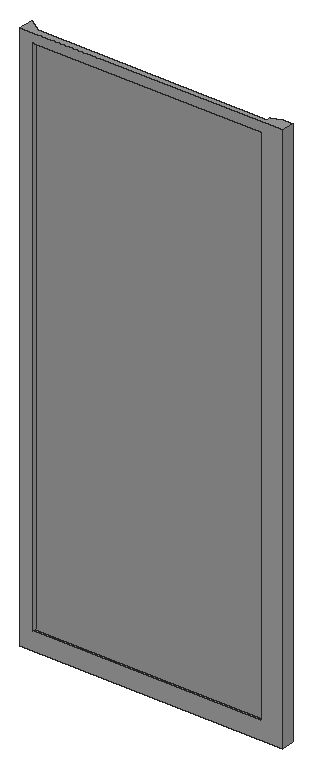
Revit family "IS_Connect_T9912_BIM_BE", category Plumbing Fixtures, host Face, Revit 2015
Parameters (values of type "T9912EO - Connect Paroi fixe latéral 900 mm verre transparent")
  Wisselstukken = "isaftersalesbelgium@idealstandard.com"
  WaarborgGarantieInstallatie = "n/a"
  Vorm = "n/a"
  Volumeunits = "liter"
  Verwachtelevensduur = "25 jaar"
  Vervangingskosten = 0
  Versie = "1"
  ValutaEenheid = "n/a"
  Urlproducent = "www.idealstandard.be"
  Uniclass2015Version = "Products v1.1"
  Uniclass2015Referentie = ""
  Uniclass2015Beschrijving = "Douche"
  URL = "www.idealstandard.be"
  Typeconnectie = "Sanitair"
  Type Comments = "n/a"
  Toepassing = "n/a"
  Telefoonnummer = "0032 2 325 66 00"
  Revisie = "n/a"
  Referentie = "n/a"
  Productinformatie = "www.idealstandard.be"
  ProductSoort = "n/a"
  OppervlakteEenheid = "n/a"
  OppervlakteAfmeting = "n/a"
  Normen = "n/a"
  Nettogewicht = 18
  Model = "T9912EO"
  Merk = "Ideal Standard"
  Materiaal = "Veiligheidsglas"
  Manufacturer = "www.idealstandard.be"
  Longueur = 900 mm
  Lengte = 0 mm
  Largeur = 50 mm
  Kwaliteitsgraad = "n/a"
  Kleur = "Aluminium zilverkleurig"
  Installatieinstructies = "www.idealstandard.be"
  IfcExportType = "SHOWERS"
  IfcExportAs = "IfcSanitaryTerminalType"
  Hulp = "issalesbelgium@idealstandard.com"
  Hoogte = "n/a"
  Hauteur = 1900 mm
  GrootteAfvoergat = 0
  GemaaktOp = "n/a"
  Garantieunits = "isaftersalesbelgium@idealstandard.com"
  Garantieonderdelen = "2"
  GarantieduurInstallatie = "n/a"
  Functieindoucheruimte = ""
  Eigenschappen = "Connect vast douchepaneel 900mm in 4 mm transparant veiligheidsglas\r\nbehandeld met Ideal Clean. Met aluminium muurprofiel zilverkleurig.\r\nHoogte 1900 mm. Voor hoekopstelling. Omkeerbaar. Kan niet\r\nalleen geplaatst worden."
  Duurzaamheid = "n/a"
  DuurEenheid = "jaar"
  Douchebak = no
  Distributeur = "n/a"
  Dimensions = "900 x 50 x 1900 mm"
  Diepte = 0 mm
  Description = "Connect Paroi fixe latéral 900 mm verre transparent"
  Default Elevation = 0 mm
  Cost = 0
  BrutoGewicht = 0
  Breedte = 0
  BimObjectNaam = "ISI_IdealStandard_Douche_Connect_T9912EO"
  Bestanddelen = "n/a"
  Beschrijvinggarantie = "Fabrieksgarantie"
  Beschrijvingdouchekop = "0"
  Barrièrevrijwonen = "n/a"
  Barcode = "8014140383055"
  Auteur = "Ideal Standard Produktions-GmbH"
  Artikelreferentie = "n/a"
  Artikelomschrijving = "n/a"
  Artikelnummer = "n/a"
  Afwerking = "Zilverkleurig aluminium"
  AfstandsEenheid = "n/a"
  Afmetingen = "n/a"
  Accesoires = "www.idealstandard.be"
Reference planes
  plane 1 "Center (Front/Back)": y = 0
  plane 2: z = 0
  plane 3 "Center (Left/Right)": x = 0
  plane 4: x = -450
  plane 5: x = 450
  plane 6: x = -405
  plane 7: z = 1900
  plane 8: z = 1870
  plane 9: y = -50
  plane 10: y = -50
Forms (mm)
  Extrusion 1, solid, material "IS_RenderMaterial_ChromePolished"
    sketch origin (-430, 690, 0) x (1, 0, 0) y (0, 1, 0)
      loop
        line (-20, -740) -> (880, -740) -> (880, -697) -> (846, -697) -> (810, -708.697) -> (810, -720) -> (25.07, -720) -> (-20, -690) -> (-20, -740)
    from 0 to 1900
  Extrusion 2, void
    sketch origin (-1661.25, -40, 2286) x (1, 0, 0) y (0, 0, 1)
      loop
        line (1256.25, -416) -> (1256.25, -2226) -> (2041.25, -2226) -> (2041.25, -416) -> (1256.25, -416)
    from 10 to -10
  Extrusion 3, solid, material "Glass, Clear Glazing, Tempered", detail levels medium+fine
    sketch origin (-225, -3741.984, 60) x (-1, 0, 0) y (0, -1, 0)
      loop
        line (180, -3712) -> (180, -3702) -> (-605, -3702) -> (-605, -3712) -> (180, -3712)
    from 0 to 1810
Cuts and joins
  Extrusion 2 cuts Extrusion 1
Dimensions and locks
  "Hauteur": plane 7 to level
  "Largeur": plane 1 "Center (Front/Back)" to plane 10
  "Longueur": plane 4 to plane 5
  aligned and locked: plane 2 to host face
  aligned and locked: level to host face
  aligned and locked: Extrusion 2 to Extrusion 1
  aligned and locked: Extrusion 2 to Extrusion 3
  aligned and locked: plane 7 to Extrusion 1
  aligned and locked: Extrusion 2 to plane 8
  aligned and locked: Extrusion 3 to cut or joined group of Extrusion 1, Extrusion 2  (x2)
Automatic sketch dimensions
  host sketch curve to host sketch curve = 2438.4 mm  (x2)
  plane 6 to Extrusion 2 sketch curve = 0 mm
  Extrusion 2 sketch curve to plane 8 = 0 mm
  level to Extrusion 2 sketch curve = 60 mm
  Extrusion 3 sketch curve to plane 6 = 0 mm
  Extrusion 3 sketch curve to plane 9 = 20.016 mm
  Extrusion 3 sketch curve to Extrusion 3 sketch curve = 10 mm
  Extrusion 1 sketch curve to plane 4 = 0 mm
  Extrusion 1 sketch curve to plane 5 = 0 mm
  plane 9 to Extrusion 1 sketch curve = 0 mm
  plane 1 "Center (Front/Back)" to Extrusion 1 sketch curve = 0 mm
  Extrusion 1 sketch curve to plane 6 = 0.07 mm
  Extrusion 1 sketch curve to plane 9 = 20 mm
  Extrusion 1 sketch curve to Extrusion 1 sketch curve = 11.303 mm
  plane 1 "Center (Front/Back)" to Extrusion 1 sketch curve = 7 mm
  Extrusion 1 sketch curve to plane 5 = 70 mm
  Extrusion 1 sketch curve to Extrusion 1 sketch curve = 34 mm
  Extrusion 2 sketch curve to plane 5 = 70 mm
  Extrusion 3 sketch curve to plane 5 = 70 mm
